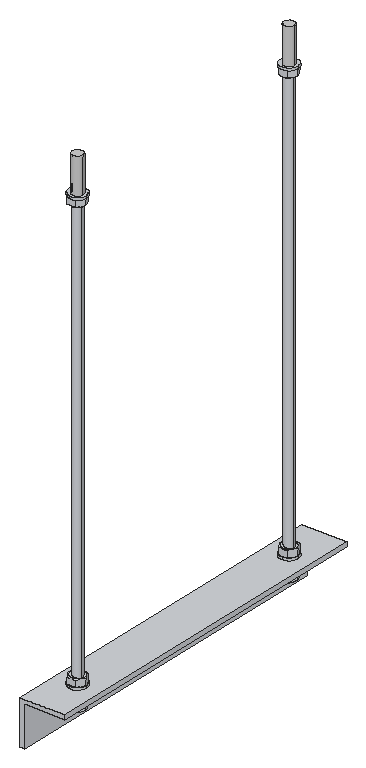
Revit family "TH_DA_V_Steel_Thread Rod", category Pipe Accessories, Revit 2023
Family settings
  Round Connector Dimension = Use Diameter
  Part Type = Normal
  Work Plane-Based = No
  Always vertical = No
  Cut with Voids When Loaded = No
  Shared = No
Parameters
  Washer_Thickness [instance] = size_lookup(LookupTable1, "s", 2 mm, BoltsNut_Type)  # 2 mm
  System_Type [instance] = ""
  Steel_Type [instance] = "V50x50"
  T2 [instance] = yes
  T1 [instance] = yes
  Middle [instance] = yes
  LookupTable2 = "DA_Thép V Hòa Phát_Re18"  # constant formula
  LookupTable3 = "DA_Hexa Nuts_DIN934"  # constant formula
  Length Middle [instance] = 330.2 mm
  LAYER_2 [instance] = no
  LAYER 2 [instance] = 240 mm
  HexaNuts_Thickness [instance] = size_lookup(LookupTable3, "k", 2 mm, BoltsNut_Type)  # 8 mm
  VSteel_Thickness [instance] = size_lookup(LookupTable2, "T", 2 mm, Steel_Type)  # 5 mm
  VSteel_Height [instance] = size_lookup(LookupTable2, "H", 2 mm, Steel_Type)  # 50 mm
  VSteel _FaceWidth [instance] = size_lookup(LookupTable2, "W", 2 mm, Steel_Type)  # 50 mm
  UseClassification = 4
  ThreadRod_Diameter [instance] = size_lookup(LookupTable1, "d1", 2 mm, BoltsNut_Type)  # 10.5 mm
  Suppport_Hole Diameter [instance] = size_lookup(LookupTable1, "ND", 2 mm, BoltsNut_Type)  # 10 mm
  ThreadRod_Extend = 10 mm
  VSteel_Total Length [instance] = 400 mm
  Default Elevation = 0 mm
  BoltsNut_Type = "M10"
  LookupTable1 = "DA_FlatWasher_DIN 125"  # constant formula
  Distance_RodToElement = 50 mm
  Distance_EdgeToRod = 50 mm
  ElementBottomToFloor [instance] = 500 mm
  WasherFlat_Thinkness [instance] = if(Suppport_Hole Diameter = 3 mm, 0.5 mm, if(Suppport_Hole Diameter = 4 mm, 0.8 mm, if(Suppport_Hole Diameter = 5 mm, 1 mm, if(Suppport_Hole Diameter = 6 mm, 1.6 mm, if(Suppport_Hole Diameter = 8 mm, 1.6 mm, if(Suppport_Hole Diameter = 10 mm, 2 mm, if(Suppport_Hole Diameter = 12 mm, 2.5 mm, if(Suppport_Hole Diameter = 14 mm, 2.5 mm, if(Suppport_Hole Diameter = 16 mm, 3 mm, if(Suppport_Hole Diameter = 18 mm, 3 mm, if(Suppport_Hole Diameter = 20 mm, 3 mm, if(Suppport_Hole Diameter = 22 mm, 3 mm, if(Suppport_Hole Diameter = 24 mm, 4 mm, if(Suppport_Hole Diameter = 27 mm, 4 mm, if(Suppport_Hole Diameter = 30 mm, 4 mm, if(Suppport_Hole Diameter = 33 mm, 5 mm, if(Suppport_Hole Diameter = 36 mm, 5 mm, if(Suppport_Hole Diameter = 39 mm, 6 mm, if(Suppport_Hole Diameter = 42 mm, 7 mm, if(Suppport_Hole Diameter = 45 mm, 7 mm, if(Suppport_Hole Diameter = 48 mm, 8 mm, if(Suppport_Hole Diameter = 52 mm, 8 mm, if(Suppport_Hole Diameter = 56 mm, 9 mm, if(Suppport_Hole Diameter = 60 mm, 9 mm, if(Suppport_Hole Diameter = 64 mm, 9 mm, 0 mm)))))))))))))))))))))))))  # 2 mm
  Element_Width [instance] = 200 mm
Reference planes
  plane 1 "Center (Front/Back)": y = 0
  plane 2: z = 0
  plane 3 "Center (Left/Right)": x = 0
  plane 4: y = 200
  plane 5: y = -200
  plane 6: x = 25
  plane 7: x = -25
  plane 8: y = 150
  plane 9: y = -150
  plane 10: z = -50
  plane 11: z = -5
  plane 12: z = -7
  plane 13: z = -15
  plane 14: z = -25
  plane 15: z = 2
  plane 16: z = 500
  plane 17: z = 498
  plane 18: z = 240
  plane 19: z = 242
  plane 20: z = 233
  plane 21: z = 225
  plane 22: z = 235
Forms (mm)
  Extrusion 1, solid, visible <- "T1"
    sketch origin (-64.486, -1524, -25) x (-1, 0, 0) y (0, -1, 0)
      loop
        circle (-64.486, -1374) r 5.25
    from 0 to 525
  Extrusion 2, solid, visible <- "T2"
    sketch origin (-64.486, -1524, -25) x (-1, 0, 0) y (0, -1, 0)
      loop
        circle (-64.486, -1674) r 5.25
    from 0 to 525
Lines and regions (mm)
  model lines
    curve 1: line (-25, 150, 0) -> (25, 150, 0)
    curve 2: line (-25, -150, 0) -> (25, -150, 0)
    curve 3: line (0, 200, 0) -> (0, 150, 0)
    curve 4: line (0, -150, 0) -> (0, -200, 0)
  model lines, visible <- "LAYER_2"
    curve 5: line (-25, 175, 240) -> (25, 175, 240)
    curve 6: line (0, 200, 240) -> (0, 175, 240)
    curve 7: line (0, -150, 240) -> (0, -200, 240)
    curve 8: line (-25, -185, 240) -> (25, -185, 240)
    curve 9: line (0, -160, 240) -> (0, -185, 240)
Dimensions and locks
  "Distance_EdgeToRod": plane 4 to plane 8
  "Distance_EdgeToRod": plane 9 to plane 5
  "VSteel_Total Length": plane 4 to plane 5
  equal spacing: plane 7, plane 3 "Center (Left/Right)", plane 6
  "VSteel _FaceWidth": plane 7 to plane 6
  "VSteel_Height": plane 2 to plane 10
  "VSteel_Thickness": plane 2 to plane 11
  "Washer_Thickness": plane 11 to plane 12
  "HexaNuts_Thickness": plane 12 to plane 13
  "ThreadRod_Extend": plane 13 to plane 14
  "Washer_Thickness": plane 15 to plane 2
  "ElementBottomToFloor": plane 16 to plane 2
  "Washer_Thickness": plane 16 to plane 17
  plane 9 to plane 1 "Center (Front/Back)" = 150 mm
  plane 1 "Center (Front/Back)" to plane 8 = 150 mm
  equal spacing: plane 9, plane 1 "Center (Front/Back)", plane 8
  "LAYER 2": plane 18 to level
  locked: plane 19 to plane 18 at 2
  locked: plane 20 to plane 21 at 8
  "VSteel_Thickness": plane 18 to plane 22
  "Washer_Thickness": plane 22 to plane 20
  "ThreadRod_Diameter": diameter of Extrusion 1 sketch curve
  "ThreadRod_Diameter": diameter of Extrusion 2 sketch curve
  aligned and locked: level to plane 2
  aligned and locked: plane 9 to Extrusion 1 sketch curve
  aligned and locked: plane 3 "Center (Left/Right)" to Extrusion 1 sketch curve
  aligned and locked: Extrusion 1 to plane 14
  aligned and locked: plane 3 "Center (Left/Right)" to nested 2
  aligned and locked: plane 3 "Center (Left/Right)" to nested 1
  aligned and locked: plane 9 to nested 1
  aligned and locked: plane 9 to nested 2
  aligned and locked: plane 11 to nested 2
  aligned and locked: plane 12 to nested 1
  aligned and locked: plane 2 to nested 4
  aligned and locked: plane 15 to nested 3
  aligned and locked: nested 3 to plane 3 "Center (Left/Right)"
  aligned and locked: nested 4 to plane 3 "Center (Left/Right)"
  aligned and locked: nested 3 to plane 9
  aligned and locked: nested 4 to plane 9
  aligned and locked: plane 16 to Extrusion 1
  aligned and locked: plane 8 to Extrusion 2 sketch curve
  aligned and locked: plane 3 "Center (Left/Right)" to Extrusion 2 sketch curve
  aligned and locked: Extrusion 2 to Extrusion 1
  aligned and locked: Extrusion 2 to plane 14
  aligned and locked: plane 8 to nested 7
  aligned and locked: plane 8 to nested 8
  aligned and locked: nested 6 to plane 8
  aligned and locked: nested 5 to plane 8  (x2)
  aligned and locked: nested 7 to plane 8
  aligned and locked: nested 8 to plane 2
  aligned and locked: nested 7 to plane 15
  aligned and locked: nested 6 to plane 11
  aligned and locked: nested 5 to plane 12
  aligned and locked: nested 10 to plane 9
  aligned and locked: nested 9 to plane 9
  aligned and locked: nested 10 to plane 16
  aligned and locked: nested 9 to plane 17
  aligned and locked: plane 8 to nested 11
  aligned and locked: plane 8 to nested 12
  aligned and locked: plane 16 to nested 12
  aligned and locked: plane 17 to nested 11
  aligned and locked: nested 10 to plane 3 "Center (Left/Right)"
  aligned and locked: nested 9 to plane 3 "Center (Left/Right)"
  aligned and locked: plane 3 "Center (Left/Right)" to nested 12
  aligned and locked: plane 3 "Center (Left/Right)" to nested 11
  aligned and locked: plane 9 to nested 13
  aligned and locked: plane 16 to nested 13
  aligned and locked: nested 14 to plane 8
  aligned and locked: plane 16 to nested 14
  aligned and locked: plane 3 "Center (Left/Right)" to nested 13
  aligned and locked: nested 14 to plane 3 "Center (Left/Right)"
  aligned and locked: plane 3 "Center (Left/Right)" to nested 15
  aligned and locked: nested 15 to plane 5
  aligned and locked: level to nested 15
  aligned and locked: curve 1 to plane 8
  aligned and locked: plane 9 to curve 2
  aligned and locked: curve 3 to plane 3 "Center (Left/Right)"
  aligned and locked: plane 4 to curve 3
  aligned and locked: plane 8 to curve 3
  aligned and locked: plane 5 to curve 4
  aligned and locked: nested 16 to plane 3 "Center (Left/Right)"
  aligned and locked: curve 4 to plane 3 "Center (Left/Right)"
  aligned and locked: plane 1 "Center (Front/Back)" to nested 15
  aligned and locked: nested 17 to plane 13
  aligned and locked: nested 17 to plane 8
  aligned and locked: plane 9 to nested 18
  aligned and locked: plane 13 to nested 18
  aligned and locked: plane 18 to nested 23
  aligned and locked: nested 22 to plane 18
  aligned and locked: plane 19 to nested 22
  aligned and locked: nested 21 to plane 19
  aligned and locked: plane 20 to nested 20
  aligned and locked: nested 19 to plane 20
  aligned and locked: plane 21 to nested 19
  aligned and locked: nested 24 to plane 21
  aligned and locked: plane 8 to nested 21
  aligned and locked: plane 8 to nested 22
  aligned and locked: nested 19 to plane 8
  aligned and locked: nested 20 to plane 8
  aligned and locked: nested 24 to plane 8
  aligned and locked: nested 28 to plane 18
  aligned and locked: nested 27 to plane 19
  aligned and locked: plane 20 to nested 26
  aligned and locked: nested 25 to plane 20
  aligned and locked: nested 29 to plane 21
  aligned and locked: nested 27 to plane 9
  aligned and locked: nested 28 to plane 9
  aligned and locked: plane 9 to nested 25
  aligned and locked: plane 9 to nested 29
  aligned and locked: plane 9 to nested 26
Automatic sketch dimensions
  curve 2 to nested 15 = 0 mm  (x2)
  curve 1 to nested 15 = 0 mm  (x2)
  nested 23 to curve 6 = 0 mm
  curve 5 to nested 23 = 0 mm  (x2)
  curve 8 to nested 23 = 0 mm  (x2)
  curve 7 to nested 23 = 0 mm
  nested 23 to curve 5 = 25 mm
  curve 7 to curve 7 = 50 mm
  curve 7 to curve 9 = 10 mm
  nested 23 to curve 8 = 15 mm
  curve 6 to curve 5 = 25 mm
  nested 23 to curve 7 = 25 mm
  curve 9 to curve 7 = 0 mm
Nested families
  nested 1: "TH_Hexa Nuts_DIN933_R19" at (0, -150, -15), DSC_Nuts_Type <- "BoltsNut_Type", type "Hexa Nuts"
    with Nuts_Working Radius 8.5 mm, Nuts_Working Diameter 10 mm, Nuts_Thinkness 8 mm, Nuts_Size in 17 mm, Nuts_Outer Dimentions 19.6 mm, Nuts_Lace Step 1.25 mm, Nuts_Half Size in 8.5 mm, DSC_Nuts_Type "M10"
  nested 2: "TH_Flat Washer_DIN125_R19" at (0, -150, -7), DSC_Washer_Type <- "BoltsNut_Type", type "Flat Washer"
    with FlatWasher_Thickness 2 mm, FlatWasher_OutsideDiameter 20 mm, FlatWasher_InsideDiameter 10.5 mm, DSC_Washer_Type "M10"
  nested 3: "TH_Hexa Nuts_DIN933_R19" at (0, -150, 10) x (1, 0, 0) z (0, 0, -1), DSC_Nuts_Type <- "BoltsNut_Type", type "Hexa Nuts"
    with Nuts_Working Radius 8.5 mm, Nuts_Working Diameter 10 mm, Nuts_Thinkness 8 mm, Nuts_Size in 17 mm, Nuts_Outer Dimentions 19.6 mm, Nuts_Lace Step 1.25 mm, Nuts_Half Size in 8.5 mm, DSC_Nuts_Type "M10"
  nested 4: "TH_Flat Washer_DIN125_R19" at (0, -150, 2) x (1, 0, 0) z (0, 0, -1), DSC_Washer_Type <- "BoltsNut_Type", type "Flat Washer"
    with FlatWasher_Thickness 2 mm, FlatWasher_OutsideDiameter 20 mm, FlatWasher_InsideDiameter 10.5 mm, DSC_Washer_Type "M10"
  nested 5: "TH_Hexa Nuts_DIN933_R19" at (0, 150, -15), DSC_Nuts_Type <- "BoltsNut_Type", type "Hexa Nuts"
    with Nuts_Working Radius 8.5 mm, Nuts_Working Diameter 10 mm, Nuts_Thinkness 8 mm, Nuts_Size in 17 mm, Nuts_Outer Dimentions 19.6 mm, Nuts_Lace Step 1.25 mm, Nuts_Half Size in 8.5 mm, DSC_Nuts_Type "M10"
  nested 6: "TH_Flat Washer_DIN125_R19" at (0, 150, -7), DSC_Washer_Type <- "BoltsNut_Type", type "Flat Washer"
    with FlatWasher_Thickness 2 mm, FlatWasher_OutsideDiameter 20 mm, FlatWasher_InsideDiameter 10.5 mm, DSC_Washer_Type "M10"
  nested 7: "TH_Hexa Nuts_DIN933_R19" at (0, 150, 10) x (1, 0, 0) z (0, 0, -1), DSC_Nuts_Type <- "BoltsNut_Type", type "Hexa Nuts"
    with Nuts_Working Radius 8.5 mm, Nuts_Working Diameter 10 mm, Nuts_Thinkness 8 mm, Nuts_Size in 17 mm, Nuts_Outer Dimentions 19.6 mm, Nuts_Lace Step 1.25 mm, Nuts_Half Size in 8.5 mm, DSC_Nuts_Type "M10"
  nested 8: "TH_Flat Washer_DIN125_R19" at (0, 150, 2) x (1, 0, 0) z (0, 0, -1), DSC_Washer_Type <- "BoltsNut_Type", type "Flat Washer"
    with FlatWasher_Thickness 2 mm, FlatWasher_OutsideDiameter 20 mm, FlatWasher_InsideDiameter 10.5 mm, DSC_Washer_Type "M10"
  nested 9: "TH_Hexa Nuts_DIN933_R19" at (0, -150, 498) x (1, 0, 0) z (0, 0, -1), DSC_Nuts_Type <- "BoltsNut_Type", visible <- "T1", type "Hexa Nuts"
    with Nuts_Working Radius 8.5 mm, Nuts_Working Diameter 10 mm, Nuts_Thinkness 8 mm, Nuts_Size in 17 mm, Nuts_Outer Dimentions 19.6 mm, Nuts_Lace Step 1.25 mm, Nuts_Half Size in 8.5 mm, DSC_Nuts_Type "M10"
  nested 10: "TH_Flat Washer_DIN125_R19" at (0, -150, 500) x (1, 0, 0) z (0, 0, -1), DSC_Washer_Type <- "BoltsNut_Type", visible <- "T1", type "Flat Washer"
    with FlatWasher_Thickness 2 mm, FlatWasher_OutsideDiameter 20 mm, FlatWasher_InsideDiameter 10.5 mm, DSC_Washer_Type "M10"
  nested 11: "TH_Hexa Nuts_DIN933_R19" at (0, 150, 498) x (1, 0, 0) z (0, 0, -1), DSC_Nuts_Type <- "BoltsNut_Type", visible <- "T2", type "Hexa Nuts"
    with Nuts_Working Radius 8.5 mm, Nuts_Working Diameter 10 mm, Nuts_Thinkness 8 mm, Nuts_Size in 17 mm, Nuts_Outer Dimentions 19.6 mm, Nuts_Lace Step 1.25 mm, Nuts_Half Size in 8.5 mm, DSC_Nuts_Type "M10"
  nested 12: "TH_Flat Washer_DIN125_R19" at (0, 150, 500) x (1, 0, 0) z (0, 0, -1), DSC_Washer_Type <- "BoltsNut_Type", visible <- "T2", type "Flat Washer"
    with FlatWasher_Thickness 2 mm, FlatWasher_OutsideDiameter 20 mm, FlatWasher_InsideDiameter 10.5 mm, DSC_Washer_Type "M10"
  nested 13: "TH_Drop in Anchor_DIN931_R19" at (0, -150, 500), Anchor_Type <- "BoltsNut_Type", visible <- "T1", type "TH_Drop in Anchor_DIN931_R19"
    with Anchor_WorkingDiameter 10 mm, Anchor_Type "M10", Anchor_TotalLength 40 mm, Anchor_OutsideRadius 6 mm, Anchor_OutsideDiameter 12 mm, Anchor_InsideRadius 5 mm, Anchor_InsideDiameter 10 mm, Anchor_InnerThreadLength 16 mm
  nested 14: "TH_Drop in Anchor_DIN931_R19" at (0, 150, 500), Anchor_Type <- "BoltsNut_Type", visible <- "T2", type "TH_Drop in Anchor_DIN931_R19"
    with Anchor_WorkingDiameter 10 mm, Anchor_Type "M10", Anchor_TotalLength 40 mm, Anchor_OutsideRadius 6 mm, Anchor_OutsideDiameter 12 mm, Anchor_InsideRadius 5 mm, Anchor_InsideDiameter 10 mm, Anchor_InnerThreadLength 16 mm
  nested 15: "TH_V Steel_R19" at (0, 0, 0), VSteel_Type <- "Steel_Type", VSteel_TotalLength <- "VSteel_Total Length", type "TH_V Steel_R19"
    with VSteel_Width 50 mm, VSteel_Type "V50x50", VSteel_TotalLength 400 mm, VSteel_Thinkness 5 mm, VSteel_HoleSpacing 340 mm, VSteel_HoleDiameter 8 mm, VSteel_Height 50 mm
  nested 16: "Z.CUMHqlTools-Ubolt_Horizontal" at (0, -199.562, 55.303) x (0, -1, 0) z (0, 0, 1), type "H_Pipes_1"
    with R 0 mm, Material none, L 55.303 mm, D_Ubolt 6.859 mm
  nested 17: "TH_Hexa Nuts_DIN933_R19" at (0, 150, -23), DSC_Nuts_Type <- "BoltsNut_Type", type "Hexa Nuts"
    with Nuts_Working Radius 8.5 mm, Nuts_Working Diameter 10 mm, Nuts_Thinkness 8 mm, Nuts_Size in 17 mm, Nuts_Outer Dimentions 19.6 mm, Nuts_Lace Step 1.25 mm, Nuts_Half Size in 8.5 mm, DSC_Nuts_Type "M10"
  nested 18: "TH_Hexa Nuts_DIN933_R19" at (0, -150, -23), DSC_Nuts_Type <- "BoltsNut_Type", type "Hexa Nuts"
    with Nuts_Working Radius 8.5 mm, Nuts_Working Diameter 10 mm, Nuts_Thinkness 8 mm, Nuts_Size in 17 mm, Nuts_Outer Dimentions 19.6 mm, Nuts_Lace Step 1.25 mm, Nuts_Half Size in 8.5 mm, DSC_Nuts_Type "M10"
  nested 19: "TH_Hexa Nuts_DIN933_R19" at (0, 150, 225), DSC_Nuts_Type <- "BoltsNut_Type", visible <- "LAYER_2", type "Hexa Nuts"
    with Nuts_Working Radius 8.5 mm, Nuts_Working Diameter 10 mm, Nuts_Thinkness 8 mm, Nuts_Size in 17 mm, Nuts_Outer Dimentions 19.6 mm, Nuts_Lace Step 1.25 mm, Nuts_Half Size in 8.5 mm, DSC_Nuts_Type "M10"
  nested 20: "TH_Flat Washer_DIN125_R19" at (0, 150, 233), DSC_Washer_Type <- "BoltsNut_Type", visible <- "LAYER_2", type "Flat Washer"
    with FlatWasher_Thickness 2 mm, FlatWasher_OutsideDiameter 20 mm, FlatWasher_InsideDiameter 10.5 mm, DSC_Washer_Type "M10"
  nested 21: "TH_Hexa Nuts_DIN933_R19" at (0, 150, 250) x (1, 0, 0) z (0, 0, -1), DSC_Nuts_Type <- "BoltsNut_Type", visible <- "LAYER_2", type "Hexa Nuts"
    with Nuts_Working Radius 8.5 mm, Nuts_Working Diameter 10 mm, Nuts_Thinkness 8 mm, Nuts_Size in 17 mm, Nuts_Outer Dimentions 19.6 mm, Nuts_Lace Step 1.25 mm, Nuts_Half Size in 8.5 mm, DSC_Nuts_Type "M10"
  nested 22: "TH_Flat Washer_DIN125_R19" at (0, 150, 242) x (1, 0, 0) z (0, 0, -1), DSC_Washer_Type <- "BoltsNut_Type", visible <- "LAYER_2", type "Flat Washer"
    with FlatWasher_Thickness 2 mm, FlatWasher_OutsideDiameter 20 mm, FlatWasher_InsideDiameter 10.5 mm, DSC_Washer_Type "M10"
  nested 23: "TH_V Steel_R19" at (0, 0, 240), VSteel_Type <- "Steel_Type", VSteel_TotalLength <- "VSteel_Total Length", visible <- "LAYER_2", type "TH_V Steel_R19"
    with VSteel_Width 50 mm, VSteel_Type "V50x50", VSteel_TotalLength 400 mm, VSteel_Thinkness 5 mm, VSteel_HoleSpacing 340 mm, VSteel_HoleDiameter 8 mm, VSteel_Height 50 mm
  nested 24: "TH_Hexa Nuts_DIN933_R19" at (0, 150, 217), DSC_Nuts_Type <- "BoltsNut_Type", visible <- "LAYER_2", type "Hexa Nuts"
    with Nuts_Working Radius 8.5 mm, Nuts_Working Diameter 10 mm, Nuts_Thinkness 8 mm, Nuts_Size in 17 mm, Nuts_Outer Dimentions 19.6 mm, Nuts_Lace Step 1.25 mm, Nuts_Half Size in 8.5 mm, DSC_Nuts_Type "M10"
  nested 25: "TH_Hexa Nuts_DIN933_R19" at (0, -150, 225), DSC_Nuts_Type <- "BoltsNut_Type", visible <- "LAYER_2", type "Hexa Nuts"
    with Nuts_Working Radius 8.5 mm, Nuts_Working Diameter 10 mm, Nuts_Thinkness 8 mm, Nuts_Size in 17 mm, Nuts_Outer Dimentions 19.6 mm, Nuts_Lace Step 1.25 mm, Nuts_Half Size in 8.5 mm, DSC_Nuts_Type "M10"
  nested 26: "TH_Flat Washer_DIN125_R19" at (0, -150, 233), DSC_Washer_Type <- "BoltsNut_Type", visible <- "LAYER_2", type "Flat Washer"
    with FlatWasher_Thickness 2 mm, FlatWasher_OutsideDiameter 20 mm, FlatWasher_InsideDiameter 10.5 mm, DSC_Washer_Type "M10"
  nested 27: "TH_Hexa Nuts_DIN933_R19" at (0, -150, 250) x (1, 0, 0) z (0, 0, -1), DSC_Nuts_Type <- "BoltsNut_Type", visible <- "LAYER_2", type "Hexa Nuts"
    with Nuts_Working Radius 8.5 mm, Nuts_Working Diameter 10 mm, Nuts_Thinkness 8 mm, Nuts_Size in 17 mm, Nuts_Outer Dimentions 19.6 mm, Nuts_Lace Step 1.25 mm, Nuts_Half Size in 8.5 mm, DSC_Nuts_Type "M10"
  nested 28: "TH_Flat Washer_DIN125_R19" at (0, -150, 242) x (1, 0, 0) z (0, 0, -1), DSC_Washer_Type <- "BoltsNut_Type", visible <- "LAYER_2", type "Flat Washer"
    with FlatWasher_Thickness 2 mm, FlatWasher_OutsideDiameter 20 mm, FlatWasher_InsideDiameter 10.5 mm, DSC_Washer_Type "M10"
  nested 29: "TH_Hexa Nuts_DIN933_R19" at (0, -150, 217), DSC_Nuts_Type <- "BoltsNut_Type", visible <- "LAYER_2", type "Hexa Nuts"
    with Nuts_Working Radius 8.5 mm, Nuts_Working Diameter 10 mm, Nuts_Thinkness 8 mm, Nuts_Size in 17 mm, Nuts_Outer Dimentions 19.6 mm, Nuts_Lace Step 1.25 mm, Nuts_Half Size in 8.5 mm, DSC_Nuts_Type "M10"
Definition of nested family "TH_Hexa Nuts_DIN933_R19"
  Parameters (values of type "Hexa Nuts")
    Type Image = (empty or 0)
    Nuts_Working Diameter [instance] = size_lookup(DSC_Lookup Table, "d", 2 mm, DSC_Nuts_Type)  # 10 mm
    Nuts_Size in [instance] = size_lookup(DSC_Lookup Table, "s", 2 mm, DSC_Nuts_Type)  # 17 mm
    Nuts_Outer Dimentions [instance] = size_lookup(DSC_Lookup Table, "e", 2 mm, DSC_Nuts_Type)  # 19.6 mm
    Nuts_Lace Step [instance] = size_lookup(DSC_Lookup Table, "P", 2 mm, DSC_Nuts_Type)  # 1.25 mm
    Nuts_Half Size in [instance] = Nuts_Size in / 2  # 8.5 mm
    Nuts_Working Radius [instance] = Nuts_Size in / 2  # 8.5 mm
    Nuts_Thinkness [instance] = size_lookup(DSC_Lookup Table, "k", 2 mm, DSC_Nuts_Type)  # 8 mm
    Default Elevation = 0 mm
    DSC_Nuts_Type [instance] = "M10"
    DSC_Lookup Table = "DA_Hexa Nuts_DIN934"  # constant formula
  Reference planes
    plane 1 "Center (Front/Back)": y = 0
    plane 2: z = 0
    plane 3 "Center (Left/Right)": x = 0
    plane 4: through (-17.5, 30.311, 1200) normal (0.866, 0.5, 0)
    plane 5: through (-17.5, -30.311, 1200) normal (-0.866, 0.5, 0)
    plane 6: z = 8
  Forms (mm)
    Extrusion 1, solid
      sketch origin (0, 0, 0) x (1, 0, 0) y (0, 1, 0)
        loop
          line (9.815, 0) -> (4.907, 8.5) -> (-4.907, 8.5) -> (-9.815, 0) -> (-4.907, -8.5) -> (4.907, -8.5) -> (9.815, 0)
        loop
          circle (0, 0) r 5
      from 0 to 8
    Revolve 2, void
      sketch origin (0, 0, 0) x (0, 1, 0) y (0, 0, 1)
        loop
          line (-8.5, 8) -> (-19.6, 8) -> (-19.6, 0) -> (-8.5, 0) -> (-15.428, 4) -> (-8.5, 8)
        axis (0, 0) -> (0, 8)
      angle from 0 to 360
  Cuts and joins
    Revolve 2 cuts Extrusion 1
  Dimensions and locks
    "Nuts_Working Radius": Extrusion 1 sketch curve to plane 5  (x2)
    "Nuts_Working Radius": Extrusion 1 sketch curve to plane 1 "Center (Front/Back)"  (x2)
    "Nuts_Working Radius": Extrusion 1 sketch curve to plane 4  (x2)
    "Nuts_Thinkness": plane 6 to level
    "Nuts_Working Radius": Revolve 2 sketch curve to Revolve 2 sketch curve  (x2)
    "Nuts_Thinkness": Revolve 2 sketch curve to level
    "Nuts_Outer Dimentions": Revolve 2 sketch curve to Revolve 2 sketch curve
    "Nuts_Working Diameter": diameter of Extrusion 1 sketch curve
    locked: level to Revolve 2 sketch curve (angle 30.00°)
    locked: Revolve 2 sketch curve to level (angle 30.00°)
    aligned and locked: level to plane 2
    aligned and locked: Extrusion 1 to level
    aligned and locked: plane 6 to Extrusion 1
    aligned and locked: Revolve 2 sketch curve to level
  Automatic sketch dimensions
    plane 1 "Center (Front/Back)" to Extrusion 1 sketch curve = 0 mm
    Extrusion 1 sketch curve to plane 3 "Center (Left/Right)" = 0 mm
    Revolve 2 sketch curve to plane 1 "Center (Front/Back)" = 0 mm
    Revolve 2 sketch curve to level = 115.333 mm
    plane 6 to Revolve 2 sketch curve = 1259.435 mm
Definition of nested family "TH_Flat Washer_DIN125_R19"
  Parameters (values of type "Flat Washer")
    Default Elevation = 0 mm
    DSC_Washer_Type [instance] = "M64"
    FlatWasher_Thickness [instance] = size_lookup(DSC_Lookup Table, "s", 2 mm, DSC_Washer_Type)  # 9 mm
    FlatWasher_OutsideDiameter [instance] = size_lookup(DSC_Lookup Table, "d2", 2 mm, DSC_Washer_Type)  # 115 mm
    FlatWasher_InsideDiameter [instance] = size_lookup(DSC_Lookup Table, "d1", 2 mm, DSC_Washer_Type)  # 66 mm
    DSC_Lookup Table = "DA_FlatWasher_DIN 125"  # constant formula
  Reference planes
    plane 1 "Center (Front/Back)": y = 0
    plane 2: z = 0
    plane 3 "Center (Left/Right)": x = 0
    plane 4: z = 9
  Forms (mm)
    Extrusion 1, solid
      sketch origin (0, 0, 0) x (1, 0, 0) y (0, 1, 0)
        loop
          circle (0, 0) r 57.5
        loop
          circle (0, 0) r 33
      from 0 to 9
  Dimensions and locks
    "FlatWasher_Thickness": level to plane 4
    "FlatWasher_InsideDiameter": diameter of Extrusion 1 sketch curve
    "FlatWasher_OutsideDiameter": diameter of Extrusion 1 sketch curve
    aligned and locked: level to plane 2
    aligned and locked: Extrusion 1 to level
    aligned and locked: plane 4 to Extrusion 1
  Automatic sketch dimensions
    Extrusion 1 sketch curve to Extrusion 1 sketch curve = 0 mm  (x2)
    plane 1 "Center (Front/Back)" to Extrusion 1 sketch curve = 0 mm
    Extrusion 1 sketch curve to plane 3 "Center (Left/Right)" = 0 mm
Definition of nested family "TH_Drop in Anchor_DIN931_R19"
  Parameters (values of type "DSC_Drop in Anchor_DIN931_R19")
    Lookup Table = "DA_Tắc kê đạn_DIN 931"  # constant formula
    Default Elevation = 0 mm
    Anchor_WorkingDiameter [instance] = size_lookup(Lookup Table, "size", 10 mm, Anchor_Type)  # 10 mm
    Anchor_Type [instance] = "M10"
    Anchor_TotalLength [instance] = size_lookup(Lookup Table, "L", 10 mm, Anchor_Type)  # 40 mm
    Anchor_OutsideDiameter [instance] = size_lookup(Lookup Table, "d2", 10 mm, Anchor_Type)  # 12 mm
    Anchor_InsideDiameter [instance] = size_lookup(Lookup Table, "d1", 10 mm, Anchor_Type)  # 10 mm
    Anchor_InnerThreadLength [instance] = size_lookup(Lookup Table, "L1", 10 mm, Anchor_Type)  # 16 mm
    Anchor_OutsideRadius [instance] = Anchor_OutsideDiameter / 2  # 6 mm
    Anchor_InsideRadius [instance] = Anchor_InsideDiameter / 2  # 5 mm
  Reference planes
    plane 1 "Center (Front/Back)": y = 0
    plane 2: z = 0
    plane 3 "Center (Left/Right)": x = 0
    plane 4: z = 16
    plane 5: z = 40
  Forms (mm)
    Extrusion 1, solid
      sketch origin (0, 0, 0) x (1, 0, 0) y (0, 1, 0)
        loop
          circle (0, 0) r 6
      from 0 to 40
    Extrusion 2, void
      sketch origin (0, 0, 0) x (1, 0, 0) y (0, 1, 0)
        loop
          circle (0, 0) r 5
      from 0 to 16
  Cuts and joins
    Extrusion 2 cuts Extrusion 1
  Dimensions and locks
    "Anchor_InnerThreadLength": plane 4 to plane 2
    "Anchor_TotalLength": plane 5 to plane 2
    "Anchor_OutsideDiameter": diameter of Extrusion 1 sketch curve
    "Anchor_InsideDiameter": diameter of Extrusion 2 sketch curve
    aligned and locked: level to plane 2
    aligned and locked: plane 1 "Center (Front/Back)" to Extrusion 1 sketch curve
    aligned and locked: plane 3 "Center (Left/Right)" to Extrusion 1 sketch curve
    aligned and locked: plane 5 to Extrusion 1
    aligned and locked: Extrusion 1 to plane 2
    aligned and locked: plane 1 "Center (Front/Back)" to Extrusion 2 sketch curve
    aligned and locked: plane 3 "Center (Left/Right)" to Extrusion 2 sketch curve
    aligned and locked: plane 4 to Extrusion 2
    aligned and locked: Extrusion 2 to plane 2
Definition of nested family "TH_V Steel_R19"
  Parameters (values of type "TH_V Steel_R19")
    VSteel_Width [instance] = size_lookup(LookupTable1, "W", 50 mm, VSteel_Type)  # 30 mm
    VSteel_Type [instance] = "V30x30"
    VSteel_TotalLength [instance] = 1000 mm
    VSteel_Thinkness [instance] = size_lookup(LookupTable1, "T", 50 mm, VSteel_Type)  # 5 mm
    VSteel_HoleSpacing [instance] = VSteel_TotalLength - 60 mm  # 940 mm
    VSteel_HoleDiameter [instance] = 8 mm
    VSteel_Height [instance] = size_lookup(LookupTable1, "H", 50 mm, VSteel_Type)  # 30 mm
    LookupTable1 = "DA_Thép V Hòa Phát_Re18"  # constant formula
    Default Elevation = 0 mm
  Reference planes
    plane 1 "Center (Front/Back)": y = 0
    plane 2: z = 0
    plane 3 "Center (Left/Right)": x = 0
    plane 4: y = 500
    plane 5: y = -500
    plane 6: x = 15
    plane 7: x = -15
    plane 8: z = -30
    plane 9: z = -5
    plane 10: x = -10
    plane 11: y = 470
    plane 12: y = -470
  Forms (mm)
    Extrusion 1, solid
      sketch origin (-1241.751, -500, 1200) x (-1, 0, 0) y (0, 0, 1)
        loop
          line (-1226.751, -1200) -> (-1256.751, -1200) -> (-1256.751, -1205) -> (-1231.751, -1205) -> (-1231.751, -1230) -> (-1226.751, -1230) -> (-1226.751, -1200)
      from 0 to 1000
  Dimensions and locks
    equal spacing: plane 4, plane 1 "Center (Front/Back)", plane 5
    "VSteel_TotalLength": plane 4 to plane 5
    equal spacing: plane 7, plane 3 "Center (Left/Right)", plane 6
    "VSteel_Width": plane 7 to plane 6
    "VSteel_Height": plane 2 to plane 8
    "VSteel_Thinkness": level to plane 9
    "VSteel_Thinkness": plane 10 to plane 7
    plane 3 "Center (Left/Right)" to Extrusion 1 = 15 mm
    equal spacing: plane 11, plane 1 "Center (Front/Back)", plane 12
    "VSteel_HoleSpacing": plane 11 to plane 12
    aligned and locked: level to plane 2
    aligned and locked: plane 4 to Extrusion 1
    aligned and locked: Extrusion 1 to plane 5
    aligned and locked: plane 6 to Extrusion 1
    aligned and locked: Extrusion 1 to plane 7
    aligned and locked: plane 10 to Extrusion 1
    aligned and locked: Extrusion 1 to plane 9
    aligned and locked: level to Extrusion 1
    aligned and locked: Extrusion 1 to plane 8
  Automatic sketch dimensions
    plane 6 to Extrusion 1 sketch curve = 0 mm
    Extrusion 1 sketch curve to plane 9 = 0 mm
    plane 10 to Extrusion 1 sketch curve = 0 mm
    Extrusion 1 sketch curve to plane 7 = 0 mm
    Extrusion 1 sketch curve to plane 8 = 0 mm
    level to Extrusion 1 sketch curve = 0 mm
Definition of nested family "Z.CUMHqlTools-Ubolt_Horizontal"
  Parameters (values of type "H_Pipes_1")
    R [instance] = 30 mm
    Material [instance] = none
    L [instance] = 55.303 mm
    Default Elevation = 1219.2 mm
    D_Ubolt [instance] = 6.859 mm
  Reference planes
    plane 1 "Center (Front/Back)": y = 0
    plane 2: z = 0
    plane 3 "Center (Left/Right)": x = 0
    plane 4: z = -55.303
  Forms (mm)
    Sweep 1, solid, material <- "Material"
      path origin (0, 0, 0) x (1, 0, 0) y (0, 0, 1)
        loop
          line (29.998, -55.303) -> (29.998, -0.303)
          arc (29.998, -0.303) -> (0.008, 30) -> (-29.999, -0.288) r 30
          line (-29.999, -0.288) -> (-29.999, -55.303)
      profile origin (0.008, 0, 30) x (-0.000255, 0, -1) y (0, -1, 0)
        loop
          circle (0, 0) r 3.429
  Dimensions and locks
    "L": level to plane 4
    "R": radius of Sweep 1 sketch curve
    "D_Ubolt": diameter of Sweep 1 sketch curve
    aligned and locked: plane 2 to level
    aligned and locked: plane 4 to Sweep 1 sketch curve  (x2)
  Automatic sketch dimensions
    Sweep 1 sketch curve to level = 0 mm
    Sweep 1 sketch curve to plane 3 "Center (Left/Right)" = 0 mm
    Sweep 1 sketch curve to level = 0.288 mm
    Sweep 1 sketch curve to level = 0.303 mm
    Sweep 1 sketch curve to plane 1 "Center (Front/Back)" = 0 mm
    Sweep 1 sketch curve to profile plane = 0 mm
